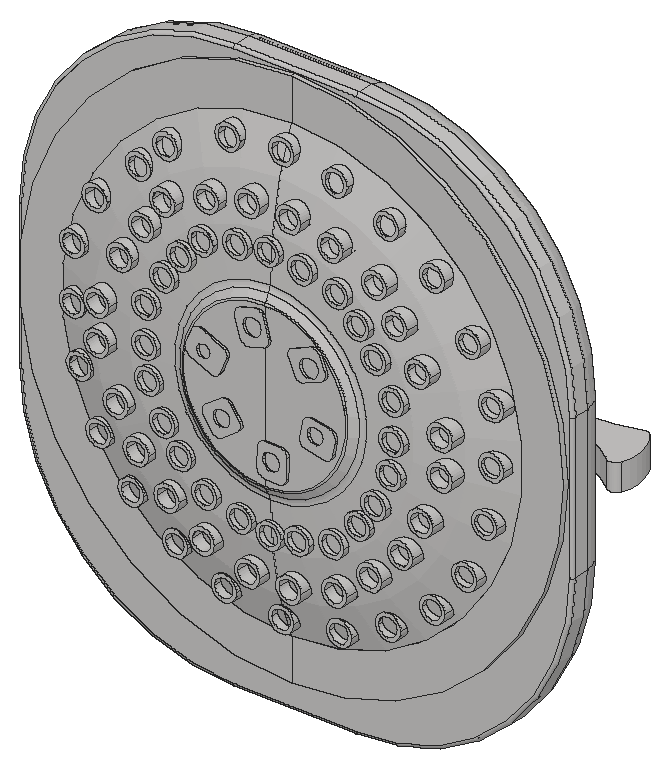
Revit family "FG52686-SUP412080_BIM", category Plumbing Fixtures, host Face, Revit 2014
Parameters (values of type "Standard")
  Width = 7 183/256"  # constant formula
  URL = "www.deltafaucet.com"
  Model = "FG52686-SUP412080"  # constant formula
  Manufacturer = "DELTA"  # constant formula
  Height = 8"  # constant formula
  Faucet Material = Metal - Delta - Stainless-Steel
  Depth = 2 211/256"  # constant formula
  Default Elevation = 48"
Reference planes (in)
  plane 1 "Center (Front/Back)": y = 0
  plane 2: z = 0
  plane 3 "Center (Left/Right)": x = 0
  plane 4: y = 1.41211
  plane 5: y = -1.41211
  plane 6: x = -3.85742
  plane 7: x = 3.85742
  plane 8: z = 8
  plane 9: z = 8.00039
  plane 10: z = 4.16474
Forms (in)
  Extrusion 1, solid, material "Metal - Delta - Stainless-Steel" <- "Faucet Material"
    sketch origin (0, -0.625, 0) x (1, 0, 0) y (0, 0, 1)
      loop
        circle (-2.81854, 3.41805) r 0.17578
      loop
        circle (-2.81854, 3.41805) r 0.12964
      loop
        circle (-2.54349, 2.6749) r 0.17578
      loop
        circle (-2.54349, 2.6749) r 0.12964
      loop
        circle (-2.09492, 2.10575) r 0.17578
      loop
        circle (-2.09492, 2.10575) r 0.12964
      loop
        circle (-1.48055, 1.67557) r 0.17578
      loop
        circle (-1.48055, 1.67557) r 0.12964
      loop
        circle (-0.80082, 1.3586) r 0.17578
      loop
        circle (-0.80082, 1.3586) r 0.12964
      loop
        circle (0, 1.24961) r 0.17578
      loop
        circle (0, 1.24961) r 0.12964
      loop
        circle (-2.91513, 4.16474) r 0.17578
      loop
        circle (-2.91513, 4.16474) r 0.12964
      loop
        circle (-2.91513, 4.91474) r 0.17578
      loop
        circle (-2.91513, 4.91474) r 0.12964
      loop
        circle (-2.59816, 5.59447) r 0.17578
      loop
        circle (-2.59816, 5.59447) r 0.12964
      loop
        circle (-1.99699, 6.19564) r 0.17578
      loop
        circle (-1.99699, 6.19564) r 0.12964
      loop
        circle (-1.61439, 6.57824) r 0.17578
      loop
        circle (-1.61439, 6.57824) r 0.12964
      loop
        circle (-0.74837, 7.00012) r 0.17578
      loop
        circle (-0.74837, 7.00012) r 0.12964
      loop
        circle (0, 7.07824) r 0.17578
      loop
        circle (0, 7.07824) r 0.12964
      loop
        circle (0.73861, 6.94801) r 0.17578
      loop
        circle (0.73861, 6.94801) r 0.12964
      loop
        circle (1.45641, 6.66099) r 0.17578
      loop
        circle (1.45641, 6.66099) r 0.12964
      loop
        circle (2.09513, 6.23771) r 0.17578
      loop
        circle (2.09513, 6.23771) r 0.12964
      loop
        circle (2.81854, 3.41805) r 0.17578
      loop
        circle (2.81854, 3.41805) r 0.12964
      loop
        circle (2.54349, 2.6749) r 0.17578
      loop
        circle (2.54349, 2.6749) r 0.12964
      loop
        circle (2.09492, 2.10575) r 0.17578
      loop
        circle (2.09492, 2.10575) r 0.12964
      loop
        circle (1.48055, 1.67557) r 0.17578
      loop
        circle (1.48055, 1.67557) r 0.12964
      loop
        circle (0.80082, 1.3586) r 0.17578
      loop
        circle (0.80082, 1.3586) r 0.12964
      loop
        circle (2.91513, 4.16474) r 0.17578
      loop
        circle (2.91513, 4.16474) r 0.12964
      loop
        circle (2.91513, 4.91474) r 0.17578
      loop
        circle (2.91513, 4.91474) r 0.12964
      loop
        circle (2.59816, 5.59447) r 0.17578
      loop
        circle (2.59816, 5.59447) r 0.12964
    from 0.39268 to 1.02833
  Revolve 2, solid, material "Metal - Delta - Stainless-Steel" <- "Faucet Material"
    sketch origin (0, 0, 0) x (0, 1, 0) y (0, 0, 1)
      loop
        line (1.41211, 4.59571) -> (0.92873, 4.59571) -> (0.92873, 4.5385)
        arc (0.92873, 4.5385) -> (0.91679, 4.50967) -> (0.88796, 4.49773) r 0.04077
        line (0.88796, 4.49773) -> (0.77035, 4.49773)
        arc (0.77035, 4.49773) -> (0.75135, 4.50156) -> (0.73532, 4.51246) r 0.04903
        arc (0.73532, 4.51246) -> (0.27585, 4.64911) -> (-0.08308, 4.33136) r 0.49376
        line (-0.08308, 4.33136) -> (-0.08308, 4.16474) -> (-0.04624, 4.16474) -> (-0.04624, 4.31836)
        arc (-0.04624, 4.31836) -> (0.28429, 4.61097) -> (0.70741, 4.48513) r 0.45469
        arc (0.70741, 4.48513) -> (0.73622, 4.46555) -> (0.77035, 4.45867) r 0.08809
        line (0.77035, 4.45867) -> (0.88796, 4.45867)
        arc (0.88796, 4.45867) -> (0.9505, 4.48888) -> (0.9657, 4.55665) r 0.07983
        line (0.9657, 4.55665) -> (1.41211, 4.55665) -> (1.41211, 4.59571)
      axis (1.41211, 4.16083) -> (-0.08308, 4.16083)
    angle from 0 to 360
  Revolve 3, solid, material "Metal - Delta - Stainless-Steel" <- "Faucet Material"
    sketch origin (0, 0, 0) x (0, 1, 0) y (0, 0, 1)
      loop
        line (0.71387, 4.71815) -> (0.71387, 4.87436)
        arc (0.71387, 4.87436) -> (0.70764, 4.89439) -> (0.69115, 4.90735) r 0.03531
        arc (0.69115, 4.90735) -> (-0.24955, 5.60141) -> (-0.6969, 6.68145) r 2.18172
        line (-0.6969, 6.68145) -> (-0.6969, 6.45401)
        arc (-0.6969, 6.45401) -> (-0.20924, 5.49107) -> (0.67481, 4.87178) r 2.22078
        line (0.67481, 4.87178) -> (0.67481, 4.71815) -> (0.71387, 4.71815)
      axis (0.71387, 4.16474) -> (-0.6969, 4.16474)
    angle from 0 to 360
  Sweep 4, solid, material "Metal - Delta - Stainless-Steel" <- "Faucet Material"
    path origin (0, 0, 0) x (1, 0, 0) y (0, 0, 1)
      loop
        arc (-0.85742, 8) -> (-2.97874, 7.12132) -> (-3.85742, 5) r 3
        line (-3.85742, 5) -> (-3.85742, 3)
        arc (-3.85742, 3) -> (-2.97874, 0.87868) -> (-0.85742, 0) r 3
        line (-0.85742, 0) -> (0.85742, 0)
        arc (0.85742, 0) -> (2.97874, 0.87868) -> (3.85742, 3) r 3
        line (3.85742, 3) -> (3.85742, 5)
        arc (3.85742, 5) -> (2.97874, 7.12132) -> (0.85742, 8) r 3
        line (0.85742, 8) -> (-0.85742, 8)
    profile origin (0, 0, 8) x (0, 0, 1) y (0, -1, 0)
      loop
        line (-2.0793, 0.68873) -> (-0.53183, 0.68873)
        arc (-0.53183, 0.68873) -> (-0.17923, 0.82056) -> (0.00039, 1.15138) r 0.53744
        line (0.00039, 1.15138) -> (0.00039, 1.36525)
        arc (0.00039, 1.36525) -> (-0.01334, 1.39839) -> (-0.04647, 1.41211) r 0.04686
        line (-0.04647, 1.41211) -> (-1.24961, 1.41211) -> (-1.24961, 1.37305) -> (-0.03868, 1.37305) -> (-0.03868, 1.15416)
        arc (-0.03868, 1.15416) -> (-0.20587, 0.84917) -> (-0.53183, 0.7278) r 0.49838
        line (-0.53183, 0.7278) -> (-2.0793, 0.7278) -> (-2.0793, 0.68873)
  Revolve 5, solid, material "Metal - Delta - Stainless-Steel" <- "Faucet Material"
    sketch origin (0, 0, 0) x (0, 1, 0) y (0, 0, 1)
      loop
        arc (-1.47417, 7.36502) -> (-1.76184, 6.45478) -> (-1.84766, 5.50403) r 4.42649
        arc (-1.84766, 5.50403) -> (-1.85379, 5.45783) -> (-1.8733, 5.4155) r 0.15598
        line (-1.8733, 5.4155) -> (-1.9347, 5.32216)
        arc (-1.9347, 5.32216) -> (-1.94133, 5.30793) -> (-1.94361, 5.29241) r 0.05413
        line (-1.94361, 5.29241) -> (-1.94361, 4.16474) -> (-1.41211, 4.16474) -> (-1.41211, 7.95181) -> (-1.47417, 7.95181) -> (-1.47417, 7.36502)
      axis (-1.41211, 4.16474) -> (-1.94361, 4.16474)
    angle from 0 to 360
  Extrusion 6, solid, material "Metal - Delta - Stainless-Steel" <- "Faucet Material"
    sketch origin (0, 0, 0) x (1, 0, 0) y (0, 1, 0)
      loop
        arc (3.2499, -0.37367) -> (3.15633, -0.39563) -> (3.07795, -0.45126) r 0.25
        arc (3.07795, -0.45126) -> (3.03415, -0.49954) -> (2.99265, -0.54981) r 1.40056
        arc (2.99265, -0.54981) -> (2.98818, -0.58706) -> (3.01925, -0.60809) r 0.03603
        arc (3.01925, -0.60809) -> (3.54099, -0.72097) -> (3.99759, -0.9975) r 1.61784
        arc (3.99759, -0.9975) -> (4.09658, -1.01978) -> (4.17038, -0.95015) r 0.10802
        arc (4.17038, -0.95015) -> (4.1918, -0.60681) -> (4.0378, -0.29919) r 0.66104
        arc (4.0378, -0.29919) -> (3.96981, -0.25719) -> (3.88992, -0.25932) r 0.13973
        arc (3.88992, -0.25932) -> (3.57391, -0.3389) -> (3.2499, -0.37367) r 2.33276
    from 4.00129 to 4.36645
  Extrusion 7, solid, material "Metal - Delta - Stainless-Steel" <- "Faucet Material"
    sketch origin (0, -0.625, 0) x (1, 0, 0) y (0, 0, 1)
      loop
        circle (0.00934, 2.39762) r 0.17578
      loop
        circle (0.00934, 2.39762) r 0.12964
      loop
        circle (-1.76151, 5.62688) r 0.17578
      loop
        circle (-1.76151, 5.62688) r 0.12964
      loop
        circle (-1.47472, 6.03645) r 0.17578
      loop
        circle (-1.47472, 6.03645) r 0.12964
      loop
        circle (-0.86208, 6.28549) r 0.17578
      loop
        circle (-0.86208, 6.28549) r 0.12964
      loop
        circle (-0.28518, 6.43618) r 0.17578
      loop
        circle (-0.28518, 6.43618) r 0.12964
      loop
        circle (-2.07214, 5.13788) r 0.17578
      loop
        circle (-2.07214, 5.13788) r 0.12964
      loop
        circle (-2.3891, 4.45815) r 0.17578
      loop
        circle (-2.3891, 4.45815) r 0.12964
      loop
        circle (-2.3891, 3.95815) r 0.17578
      loop
        circle (-2.3891, 3.95815) r 0.12964
      loop
        circle (-2.11861, 3.29741) r 0.17578
      loop
        circle (-2.11861, 3.29741) r 0.12964
      loop
        circle (-1.83721, 2.79893) r 0.17578
      loop
        circle (-1.83721, 2.79893) r 0.12964
      loop
        circle (-1.40882, 2.37055) r 0.17578
      loop
        circle (-1.40882, 2.37055) r 0.12964
      loop
        circle (-0.91961, 2.00634) r 0.17578
      loop
        circle (-0.91961, 2.00634) r 0.12964
      loop
        circle (-0.28689, 1.82387) r 0.17578
      loop
        circle (-0.28689, 1.82387) r 0.12964
      loop
        circle (-0.40019, 2.4664) r 0.17578
      loop
        circle (-0.40019, 2.4664) r 0.12964
      loop
        circle (-0.88315, 2.59581) r 0.17578
      loop
        circle (-0.88315, 2.59581) r 0.12964
      loop
        circle (-1.2367, 2.94937) r 0.17578
      loop
        circle (-1.2367, 2.94937) r 0.12964
      loop
        circle (-1.46887, 3.28094) r 0.17578
      loop
        circle (-1.46887, 3.28094) r 0.12964
      loop
        circle (-1.68018, 3.73409) r 0.17578
      loop
        circle (-1.68018, 3.73409) r 0.12964
      loop
        circle (-1.71785, 4.16474) r 0.17578
      loop
        circle (-1.71785, 4.16474) r 0.12964
      loop
        circle (-1.71785, 4.66474) r 0.17578
      loop
        circle (-1.71785, 4.66474) r 0.12964
      loop
        circle (-1.46785, 5.09775) r 0.17578
      loop
        circle (-1.46785, 5.09775) r 0.12964
      loop
        circle (-1.23044, 5.43682) r 0.17578
      loop
        circle (-1.23044, 5.43682) r 0.12964
      loop
        circle (-0.93587, 5.73139) r 0.17578
      loop
        circle (-0.93587, 5.73139) r 0.12964
      loop
        circle (-0.4529, 5.8608) r 0.17578
      loop
        circle (-0.4529, 5.8608) r 0.12964
      loop
        circle (1.76151, 5.62688) r 0.17578
      loop
        circle (1.76151, 5.62688) r 0.12964
      loop
        circle (1.47472, 6.03645) r 0.17578
      loop
        circle (1.47472, 6.03645) r 0.12964
      loop
        circle (0.86208, 6.28549) r 0.17578
      loop
        circle (0.86208, 6.28549) r 0.12964
      loop
        circle (0.28518, 6.43618) r 0.17578
      loop
        circle (0.28518, 6.43618) r 0.12964
      loop
        circle (2.07214, 5.13788) r 0.17578
      loop
        circle (2.07214, 5.13788) r 0.12964
      loop
        circle (2.3891, 4.45815) r 0.17578
      loop
        circle (2.3891, 4.45815) r 0.12964
      loop
        circle (2.3891, 3.95815) r 0.17578
      loop
        circle (2.3891, 3.95815) r 0.12964
      loop
        circle (2.11861, 3.29741) r 0.17578
      loop
        circle (2.11861, 3.29741) r 0.12964
      loop
        circle (1.83721, 2.79893) r 0.17578
      loop
        circle (1.83721, 2.79893) r 0.12964
      loop
        circle (1.40882, 2.37055) r 0.17578
      loop
        circle (1.40882, 2.37055) r 0.12964
      loop
        circle (0.91961, 2.00634) r 0.17578
      loop
        circle (0.91961, 2.00634) r 0.12964
      loop
        circle (0.28689, 1.82387) r 0.17578
      loop
        circle (0.28689, 1.82387) r 0.12964
      loop
        circle (0.40019, 2.4664) r 0.17578
      loop
        circle (0.40019, 2.4664) r 0.12964
      loop
        circle (0.88315, 2.59581) r 0.17578
      loop
        circle (0.88315, 2.59581) r 0.12964
      loop
        circle (1.2367, 2.94937) r 0.17578
      loop
        circle (1.2367, 2.94937) r 0.12964
      loop
        circle (1.46887, 3.28094) r 0.17578
      loop
        circle (1.46887, 3.28094) r 0.12964
      loop
        circle (1.68018, 3.73409) r 0.17578
      loop
        circle (1.68018, 3.73409) r 0.12964
      loop
        circle (1.71785, 4.16474) r 0.17578
      loop
        circle (1.71785, 4.16474) r 0.12964
      loop
        circle (1.71785, 4.66474) r 0.17578
      loop
        circle (1.71785, 4.66474) r 0.12964
      loop
        circle (1.46785, 5.09775) r 0.17578
      loop
        circle (1.46785, 5.09775) r 0.12964
      loop
        circle (1.23044, 5.43682) r 0.17578
      loop
        circle (1.23044, 5.43682) r 0.12964
      loop
        circle (0.93587, 5.73139) r 0.17578
      loop
        circle (0.93587, 5.73139) r 0.12964
      loop
        circle (0.4529, 5.8608) r 0.17578
      loop
        circle (0.4529, 5.8608) r 0.12964
      loop
        circle (-0.01878, 5.92181) r 0.17578
      loop
        circle (-0.01878, 5.92181) r 0.12964
    from 0.39268 to 1.26369
  Extrusion 8, solid, material "Metal - Delta - Stainless-Steel" <- "Faucet Material"
    sketch origin (0, 0, 0) x (1, 0, 0) y (0, 0, 1)
      loop
        arc (-0.31074, 5.17446) -> (-0.37969, 5.12155) -> (-0.39104, 5.03538) r 0.11355
        line (-0.39104, 5.03538) -> (-0.32832, 4.80131)
        arc (-0.32832, 4.80131) -> (-0.27734, 4.73488) -> (-0.19432, 4.72395) r 0.1094
        line (-0.19432, 4.72395) -> (0.00377, 4.77703)
        arc (0.00377, 4.77703) -> (0.06264, 4.8222) -> (0.07233, 4.89577) r 0.09695
        line (0.07233, 4.89577) -> (0.00461, 5.14849)
        arc (0.00461, 5.14849) -> (-0.0451, 5.21328) -> (-0.12607, 5.22394) r 0.1067
        line (-0.12607, 5.22394) -> (-0.31074, 5.17446)
      loop
        arc (-1.07812, 4.46282) -> (-1.07803, 4.37591) -> (-1.01652, 4.31452) r 0.11355
        line (-1.01652, 4.31452) -> (-0.73277, 4.1973)
        arc (-0.73277, 4.1973) -> (-0.64903, 4.19738) -> (-0.58988, 4.25665) r 0.1094
        line (-0.58988, 4.25665) -> (-0.50702, 4.45723)
        arc (-0.50702, 4.45723) -> (-0.50709, 4.53143) -> (-0.55961, 4.58385) r 0.09695
        line (-0.55961, 4.58385) -> (-0.86121, 4.70844)
        arc (-0.86121, 4.70844) -> (-0.94288, 4.70836) -> (-1.00057, 4.65056) r 0.1067
        line (-1.00057, 4.65056) -> (-1.07812, 4.46282)
      loop
        line (0.85937, 4.77532) -> (0.78637, 4.95203)
        arc (0.78637, 4.95203) -> (0.72868, 5.00983) -> (0.64702, 5.00991) r 0.1067
        line (0.64702, 5.00991) -> (0.4052, 4.91002)
        arc (0.4052, 4.91002) -> (0.35268, 4.8576) -> (0.3526, 4.78339) r 0.09695
        line (0.3526, 4.78339) -> (0.43091, 4.59384)
        arc (0.43091, 4.59384) -> (0.49006, 4.53458) -> (0.57379, 4.53449) r 0.1094
        line (0.57379, 4.53449) -> (0.79777, 4.62702)
        arc (0.79777, 4.62702) -> (0.85928, 4.68841) -> (0.85937, 4.77532) r 0.11355
      loop
        line (0.02204, 3.15276) -> (0.21311, 3.1459)
        arc (0.21311, 3.1459) -> (0.28963, 3.17443) -> (0.32357, 3.2487) r 0.1067
        line (0.32357, 3.2487) -> (0.33296, 3.51018)
        arc (0.33296, 3.51018) -> (0.30704, 3.57971) -> (0.23955, 3.61055) r 0.09695
        line (0.23955, 3.61055) -> (0.0346, 3.61791)
        arc (0.0346, 3.61791) -> (-0.04386, 3.58866) -> (-0.07866, 3.5125) r 0.1094
        line (-0.07866, 3.5125) -> (-0.08736, 3.27032)
        arc (-0.08736, 3.27032) -> (-0.05701, 3.18888) -> (0.02204, 3.15276) r 0.11355
      loop
        line (-0.82731, 3.63381) -> (-0.71659, 3.47794)
        arc (-0.71659, 3.47794) -> (-0.64742, 3.43453) -> (-0.56781, 3.45274) r 0.1067
        line (-0.56781, 3.45274) -> (-0.35451, 3.60426)
        arc (-0.35451, 3.60426) -> (-0.31506, 3.66712) -> (-0.33161, 3.73945) r 0.09695
        line (-0.33161, 3.73945) -> (-0.45038, 3.90665)
        arc (-0.45038, 3.90665) -> (-0.52131, 3.95116) -> (-0.60293, 3.93248) r 0.1094
        line (-0.60293, 3.93248) -> (-0.80049, 3.79214)
        arc (-0.80049, 3.79214) -> (-0.84669, 3.71853) -> (-0.82731, 3.63381) r 0.11355
      loop
        arc (1.00197, 3.95446) -> (0.98242, 4.03915) -> (0.90872, 4.08521) r 0.11355
        line (0.90872, 4.08521) -> (0.66971, 4.12521)
        arc (0.66971, 4.12521) -> (0.58812, 4.10637) -> (0.54375, 4.03536) r 0.1094
        line (0.54375, 4.03536) -> (0.50989, 3.83309)
        arc (0.50989, 3.83309) -> (0.52658, 3.76079) -> (0.58951, 3.72147) r 0.09695
        line (0.58951, 3.72147) -> (0.84756, 3.67828)
        arc (0.84756, 3.67828) -> (0.92713, 3.69664) -> (0.97041, 3.7659) r 0.1067
        line (0.97041, 3.7659) -> (1.00197, 3.95446)
      loop
        circle (-0.15259, 4.97937) r 0.1264
      loop
        circle (-0.829, 4.43964) r 0.09231
      loop
        circle (-0.57776, 3.69235) r 0.11491
      loop
        circle (0.11171, 3.38784) r 0.11937
      loop
        circle (0.72568, 3.92712) r 0.10871
      loop
        circle (0.64136, 4.74262) r 0.13094
    from 1.01768 to 1.97036
Dimensions and locks (in)
  equal spacing: plane 6, plane 3 "Center (Left/Right)", plane 7
  equal spacing: plane 4, plane 1 "Center (Front/Back)", plane 5
  "Depth": plane 4 to plane 5
  "Width": plane 6 to plane 7
  "Height": plane 8 to plane 2
  aligned and locked: plane 2 to host face
  aligned and locked: level to host face
Automatic sketch dimensions
  host sketch curve to host sketch curve = 96"  (x2)
  Revolve 2 sketch curve to Revolve 2 sketch curve = 0"  (x8)
  Revolve 2 sketch curve to plane 10 = 0"
  Revolve 2 sketch curve to plane 4 = 0"  (x2)
  plane 1 "Center (Front/Back)" to Revolve 2 sketch curve = 0.04624"
  plane 10 to Revolve 2 sketch curve = 0.15362"
  Revolve 2 sketch curve to Revolve 2 sketch curve = 0.03684"
  plane 10 to Revolve 2 sketch curve = 0.33299"
  Revolve 2 sketch curve to plane 4 = 0.64175"
  Revolve 2 sketch curve to Revolve 2 sketch curve = 0.11761"
  Revolve 2 sketch curve to Revolve 2 sketch curve = 0.04077"
  Revolve 2 sketch curve to Revolve 2 sketch curve = 0.03697"
  plane 10 to Revolve 2 sketch curve = 0.00228"
  Revolve 2 sketch curve to plane 1 "Center (Front/Back)" = 0.38252"
  Revolve 2 sketch curve to Revolve 2 sketch curve = 0.06294"
  Revolve 2 sketch curve to plane 10 = 1/256"
  Revolve 2 sketch curve to Revolve 2 sketch curve = 0.31876"
  Revolve 2 sketch curve to Revolve 2 sketch curve = 5/128"
  Revolve 3 sketch curve to Revolve 3 sketch curve = 0"  (x3)
  plane 1 "Center (Front/Back)" to Revolve 3 sketch curve = 0.6969"
  plane 10 to Revolve 3 sketch curve = 0.55341"
  Revolve 3 sketch curve to plane 10 = 0"
  Revolve 3 sketch curve to plane 1 "Center (Front/Back)" = 0.67481"
  Revolve 3 sketch curve to Revolve 3 sketch curve = 5/128"
  Revolve 3 sketch curve to plane 1 "Center (Front/Back)" = 0.32247"
  Revolve 3 sketch curve to Revolve 3 sketch curve = 0.35235"
  Revolve 3 sketch curve to Revolve 3 sketch curve = 0.00375"
  Revolve 3 sketch curve to Revolve 3 sketch curve = 0.01259"
  plane 4 to Revolve 3 sketch curve = 0.05663"
  Revolve 3 sketch curve to Revolve 3 sketch curve = 0.15363"
  Revolve 3 sketch curve to Revolve 3 sketch curve = 0.00258"
  Sweep 4 sketch curve to plane 6 = 0"
  Sweep 4 sketch curve to level = 0"
  Sweep 4 sketch curve to plane 8 = 0"
  Sweep 4 sketch curve to plane 7 = 0"
  Sweep 4 sketch curve to plane 10 = 1.16474"
  Sweep 4 sketch curve to plane 3 "Center (Left/Right)" = 0.85742"
  plane 3 "Center (Left/Right)" to Sweep 4 sketch curve = 0.85742"  (x2)
  Sweep 4 sketch curve to Sweep 4 sketch curve = 0"  (x2)
  plane 1 "Center (Front/Back)" to Sweep 4 sketch curve = 0.68873"
  profile plane to Sweep 4 sketch curve = 2.0793"
  plane 1 "Center (Front/Back)" to Sweep 4 sketch curve = 0.7278"
  Sweep 4 sketch curve to Sweep 4 sketch curve = 0.82969"
  profile plane to Sweep 4 sketch curve = 0.53183"
  profile plane to Sweep 4 sketch curve = 0.04647"
  Sweep 4 sketch curve to Sweep 4 sketch curve = 1/128"
  Sweep 4 sketch curve to profile plane = 0.00039"
  Sweep 4 sketch curve to Sweep 4 sketch curve = 0.42358"
  Sweep 4 sketch curve to Sweep 4 sketch curve = 0.21387"
  Sweep 4 sketch curve to Sweep 4 sketch curve = 5/128"
  Revolve 5 sketch curve to plane 10 = 0"  (x2)
  Revolve 5 sketch curve to plane 5 = 0"
  Revolve 5 sketch curve to plane 5 = 0.5315"
  plane 10 to Revolve 5 sketch curve = 1.12767"
  Revolve 5 sketch curve to Revolve 5 sketch curve = 0.00891"
  Revolve 5 sketch curve to Revolve 5 sketch curve = 0.0614"
  Revolve 5 sketch curve to plane 5 = 0.06206"
  Revolve 5 sketch curve to Revolve 5 sketch curve = 0.13031"
  Revolve 5 sketch curve to Revolve 5 sketch curve = 0.05413"
  Revolve 5 sketch curve to Revolve 5 sketch curve = 0.08456"
  Revolve 5 sketch curve to Revolve 5 sketch curve = 0.02564"
  Revolve 5 sketch curve to Revolve 5 sketch curve = 0"
  Revolve 5 sketch curve to Revolve 5 sketch curve = 0.18119"
  plane 4 to Revolve 5 sketch curve = 1.166"
  Revolve 5 sketch curve to Revolve 5 sketch curve = 0.09335"
  Revolve 5 sketch curve to plane 8 = 0.63498"
  Revolve 5 sketch curve to plane 8 = 0.04819"
  Extrusion 1 sketch curve to Extrusion 1 sketch curve = 0"  (x67)
  Extrusion 1 sketch curve to plane 10 = 0"  (x2)
  Extrusion 1 sketch curve to plane 3 "Center (Left/Right)" = 0"  (x2)
  Extrusion 1 sketch curve to Extrusion 1 sketch curve = 0.3826"  (x2)
  Extrusion 1 sketch curve to Extrusion 1 sketch curve = 0.56915"  (x2)
  Extrusion 6 sketch curve to plane 7 = 0.91474"
  Extrusion 6 sketch curve to plane 7 = 0.83646"
  Extrusion 6 sketch curve to plane 7 = 0.69382"
  Extrusion 6 sketch curve to Extrusion 6 sketch curve = 0.23819"
  Extrusion 6 sketch curve to Extrusion 6 sketch curve = 0.28491"
  plane 7 to Extrusion 6 sketch curve = 0.07601"
  plane 7 to Extrusion 6 sketch curve = 0.21061"
  Extrusion 6 sketch curve to plane 5 = 0.00408"
  plane 7 to Extrusion 6 sketch curve = 0.23566"
  Extrusion 6 sketch curve to plane 5 = 0.812"
  plane 5 to Extrusion 6 sketch curve = 0.49651"
  Extrusion 6 sketch curve to Extrusion 6 sketch curve = 0.17687"
  Extrusion 6 sketch curve to Extrusion 6 sketch curve = 0.11523"
  Extrusion 6 sketch curve to Extrusion 6 sketch curve = 0.05141"
  plane 1 "Center (Front/Back)" to Extrusion 6 sketch curve = 0.3921"
  plane 4 to Extrusion 6 sketch curve = 0.54538"
  Extrusion 6 sketch curve to Extrusion 6 sketch curve = 0.02831"
  Extrusion 6 sketch curve to Extrusion 6 sketch curve = 0"  (x7)
  Extrusion 7 sketch curve to Extrusion 7 sketch curve = 0"  (x100)
  Extrusion 7 sketch curve to plane 10 = 0"  (x2)
  Extrusion 7 sketch curve to plane 3 "Center (Left/Right)" = 0.01878"
  Extrusion 7 sketch curve to plane 3 "Center (Left/Right)" = 0.28518"
  Extrusion 7 sketch curve to plane 3 "Center (Left/Right)" = 0.28689"
  Extrusion 7 sketch curve to plane 3 "Center (Left/Right)" = 0.40019"
  Extrusion 7 sketch curve to Extrusion 7 sketch curve = 0.43412"
  Extrusion 7 sketch curve to Extrusion 7 sketch curve = 0.40917"  (x2)
  Extrusion 7 sketch curve to Extrusion 7 sketch curve = 0.48296"  (x4)
  Extrusion 7 sketch curve to Extrusion 7 sketch curve = 0.03647"  (x2)
  Extrusion 7 sketch curve to Extrusion 7 sketch curve = 0.29458"  (x4)
  Extrusion 7 sketch curve to Extrusion 7 sketch curve = 0.35355"  (x4)
  Extrusion 7 sketch curve to Extrusion 7 sketch curve = 0.52567"  (x2)
  Extrusion 7 sketch curve to Extrusion 7 sketch curve = 0.23741"  (x2)
  Extrusion 7 sketch curve to Extrusion 7 sketch curve = 0.23217"  (x2)
  Extrusion 7 sketch curve to Extrusion 7 sketch curve = 0.53886"  (x2)
  Extrusion 7 sketch curve to Extrusion 7 sketch curve = 0.21131"  (x2)
  Extrusion 7 sketch curve to Extrusion 7 sketch curve = 1/4"  (x2)
  Extrusion 7 sketch curve to Extrusion 7 sketch curve = 0.03768"  (x2)
  Extrusion 7 sketch curve to Extrusion 7 sketch curve = 0.28679"  (x2)
  Extrusion 7 sketch curve to Extrusion 7 sketch curve = 0.42839"  (x2)
  Extrusion 7 sketch curve to Extrusion 7 sketch curve = 0.31063"  (x2)
  Extrusion 7 sketch curve to Extrusion 7 sketch curve = 0.2814"  (x2)
  Extrusion 7 sketch curve to plane 10 = 0.20659"  (x2)
  Extrusion 7 sketch curve to Extrusion 7 sketch curve = 0.67125"  (x2)
  plane 3 "Center (Left/Right)" to Extrusion 7 sketch curve = 0.00934"
  plane 3 "Center (Left/Right)" to Extrusion 7 sketch curve = 0.28518"
  plane 3 "Center (Left/Right)" to Extrusion 7 sketch curve = 0.28689"
  Extrusion 7 sketch curve to Extrusion 7 sketch curve = 0.39085"
  plane 3 "Center (Left/Right)" to Extrusion 7 sketch curve = 0.4529"
  Extrusion 7 sketch curve to plane 10 = 0.43065"  (x2)
  Extrusion 7 sketch curve to Extrusion 7 sketch curve = 0.43668"  (x2)
  Extrusion 7 sketch curve to Extrusion 7 sketch curve = 0.45315"  (x2)
  Extrusion 7 sketch curve to Extrusion 7 sketch curve = 0.33157"  (x2)
  Extrusion 7 sketch curve to Extrusion 7 sketch curve = 0.49848"  (x2)
  Extrusion 7 sketch curve to Extrusion 7 sketch curve = 0.12941"  (x4)
  Extrusion 7 sketch curve to Extrusion 7 sketch curve = 0.06878"
  Extrusion 7 sketch curve to Extrusion 7 sketch curve = 0.22527"  (x2)
  Extrusion 7 sketch curve to Extrusion 7 sketch curve = 0.58947"  (x2)
  Extrusion 7 sketch curve to Extrusion 7 sketch curve = 0.57375"
  plane 10 to Extrusion 7 sketch curve = 0.29341"  (x2)
  Extrusion 7 sketch curve to Extrusion 7 sketch curve = 1/2"  (x2)
  Extrusion 7 sketch curve to Extrusion 7 sketch curve = 0.43301"  (x2)
  Extrusion 7 sketch curve to Extrusion 7 sketch curve = 0.47314"  (x2)
  Extrusion 7 sketch curve to Extrusion 7 sketch curve = 0.33906"  (x2)
  Extrusion 7 sketch curve to Extrusion 7 sketch curve = 0.19006"  (x2)
  Extrusion 7 sketch curve to Extrusion 7 sketch curve = 0.06101"
  Extrusion 7 sketch curve to Extrusion 7 sketch curve = 0.40958"  (x2)
  Extrusion 7 sketch curve to Extrusion 7 sketch curve = 0.5541"  (x2)
  Extrusion 7 sketch curve to Extrusion 7 sketch curve = 0.51437"
  Extrusion 1 sketch curve to Extrusion 1 sketch curve = 0.60117"  (x2)
  Extrusion 1 sketch curve to Extrusion 1 sketch curve = 0.50303"
  Extrusion 1 sketch curve to Extrusion 1 sketch curve = 0.31696"  (x4)
  Extrusion 1 sketch curve to Extrusion 1 sketch curve = 3/4"  (x2)
  Extrusion 1 sketch curve to Extrusion 1 sketch curve = 0.67973"  (x4)
  Extrusion 1 sketch curve to plane 3 "Center (Left/Right)" = 0.74837"
  Extrusion 1 sketch curve to Extrusion 1 sketch curve = 0.71781"
  Extrusion 1 sketch curve to Extrusion 1 sketch curve = 0.63872"
  Extrusion 1 sketch curve to Extrusion 1 sketch curve = 0.64324"
  Extrusion 1 sketch curve to Extrusion 1 sketch curve = 0.42328"
  plane 3 "Center (Left/Right)" to Extrusion 1 sketch curve = 0.73861"
  Extrusion 1 sketch curve to Extrusion 1 sketch curve = 0.28701"
  Extrusion 1 sketch curve to Extrusion 1 sketch curve = 27/64"
  Extrusion 1 sketch curve to Extrusion 1 sketch curve = 0.13024"
  Extrusion 1 sketch curve to Extrusion 1 sketch curve = 0.86603"
  Extrusion 1 sketch curve to Extrusion 1 sketch curve = 0.44858"  (x2)
  Extrusion 1 sketch curve to Extrusion 1 sketch curve = 0.09659"  (x2)
  Extrusion 1 sketch curve to plane 10 = 1.48984"
  Extrusion 1 sketch curve to plane 10 = 0.74669"  (x2)
  Extrusion 1 sketch curve to Extrusion 1 sketch curve = 0.61436"  (x2)
  Extrusion 1 sketch curve to Extrusion 1 sketch curve = 0.43018"  (x2)
  plane 3 "Center (Left/Right)" to Extrusion 1 sketch curve = 0.80082"
  Extrusion 1 sketch curve to Extrusion 1 sketch curve = 0.10899"  (x2)
  Extrusion 1 sketch curve to Extrusion 1 sketch curve = 0.27505"
  plane 10 to Extrusion 8 sketch curve = 0.29808"
  Extrusion 8 sketch curve to plane 3 "Center (Left/Right)" = 1 5/64"
  plane 10 to Extrusion 8 sketch curve = 0.14977"
  Extrusion 8 sketch curve to Extrusion 8 sketch curve = 0.0616"
  plane 10 to Extrusion 8 sketch curve = 0.48582"
  Extrusion 8 sketch curve to Extrusion 8 sketch curve = 0.07755"
  Extrusion 8 sketch curve to Extrusion 8 sketch curve = 0.10495"  (x2)
  Extrusion 8 sketch curve to Extrusion 8 sketch curve = 0.09862"  (x2)
  plane 10 to Extrusion 8 sketch curve = 0.54369"
  Extrusion 8 sketch curve to Extrusion 8 sketch curve = 0.04074"  (x3)
  Extrusion 8 sketch curve to Extrusion 8 sketch curve = 0.14416"
  Extrusion 8 sketch curve to Extrusion 8 sketch curve = 0.18921"
  Extrusion 8 sketch curve to plane 10 = 0.3726"
  Extrusion 8 sketch curve to Extrusion 8 sketch curve = 0.02681"
  Extrusion 8 sketch curve to Extrusion 8 sketch curve = 0.09258"  (x2)
  plane 10 to Extrusion 8 sketch curve = 0.03256"
  Extrusion 8 sketch curve to Extrusion 8 sketch curve = 0.09623"
  Extrusion 8 sketch curve to Extrusion 8 sketch curve = 0.11072"
  Extrusion 8 sketch curve to Extrusion 8 sketch curve = 0.04177"  (x2)
  Extrusion 8 sketch curve to Extrusion 8 sketch curve = 0.08699"
  Extrusion 8 sketch curve to plane 10 = 0.23226"
  Extrusion 8 sketch curve to Extrusion 8 sketch curve = 0.19756"
  Extrusion 8 sketch curve to Extrusion 8 sketch curve = 0.09437"
  plane 10 to Extrusion 8 sketch curve = 0.09191"
  Extrusion 8 sketch curve to Extrusion 8 sketch curve = 0.10112"  (x2)
  Extrusion 8 sketch curve to Extrusion 8 sketch curve = 0.15697"
  Extrusion 8 sketch curve to Extrusion 8 sketch curve = 0.06179"  (x2)
  Extrusion 8 sketch curve to Extrusion 8 sketch curve = 0.03702"  (x4)
  Extrusion 8 sketch curve to Extrusion 8 sketch curve = 0.06336"
  plane 10 to Extrusion 8 sketch curve = 0.29249"
  Extrusion 8 sketch curve to Extrusion 8 sketch curve = 0.08961"
  Extrusion 8 sketch curve to plane 10 = 0.2581"
  Extrusion 8 sketch curve to Extrusion 8 sketch curve = 0.08919"
  Extrusion 8 sketch curve to Extrusion 8 sketch curve = 0.16711"
  Extrusion 8 sketch curve to plane 3 "Center (Left/Right)" = 0.39104"
  Extrusion 8 sketch curve to Extrusion 8 sketch curve = 0.05615"  (x2)
  Extrusion 8 sketch curve to Extrusion 8 sketch curve = 0.07904"
  Extrusion 8 sketch curve to Extrusion 8 sketch curve = 0.06272"
  Extrusion 8 sketch curve to Extrusion 8 sketch curve = 0.0803"
  Extrusion 8 sketch curve to Extrusion 8 sketch curve = 0.02939"  (x2)
  Extrusion 8 sketch curve to Extrusion 8 sketch curve = 0.10568"
  Extrusion 8 sketch curve to Extrusion 8 sketch curve = 0.02832"
  Extrusion 8 sketch curve to plane 3 "Center (Left/Right)" = 0.15259"
  Extrusion 8 sketch curve to plane 3 "Center (Left/Right)" = 0.12607"
  Extrusion 8 sketch curve to plane 3 "Center (Left/Right)" = 0.09845"
  Extrusion 8 sketch curve to plane 3 "Center (Left/Right)" = 0.08736"
  Extrusion 8 sketch curve to plane 3 "Center (Left/Right)" = 0.07866"
  Extrusion 8 sketch curve to plane 3 "Center (Left/Right)" = 0.02132"
  plane 3 "Center (Left/Right)" to Extrusion 8 sketch curve = 0.00377"
  plane 3 "Center (Left/Right)" to Extrusion 8 sketch curve = 0.00461"
  plane 3 "Center (Left/Right)" to Extrusion 8 sketch curve = 0.02204"
  plane 3 "Center (Left/Right)" to Extrusion 8 sketch curve = 0.02612"
  plane 3 "Center (Left/Right)" to Extrusion 8 sketch curve = 0.03067"
  plane 3 "Center (Left/Right)" to Extrusion 8 sketch curve = 0.0346"
  plane 3 "Center (Left/Right)" to Extrusion 8 sketch curve = 0.07233"
  plane 3 "Center (Left/Right)" to Extrusion 8 sketch curve = 0.11171"
  Extrusion 8 sketch curve to Extrusion 8 sketch curve = 0.19107"
  Extrusion 8 sketch curve to Extrusion 8 sketch curve = 0.00383"  (x2)
  Extrusion 8 sketch curve to Extrusion 8 sketch curve = 0.12436"
  Extrusion 8 sketch curve to Extrusion 8 sketch curve = 0.00348"
  Extrusion 8 sketch curve to Extrusion 8 sketch curve = 0.10663"
  Extrusion 8 sketch curve to Extrusion 8 sketch curve = 0.09689"  (x2)
  Extrusion 8 sketch curve to Extrusion 8 sketch curve = 0.28028"
  Extrusion 8 sketch curve to Extrusion 8 sketch curve = 0.05259"
  Extrusion 8 sketch curve to Extrusion 8 sketch curve = 0.0783"
  Extrusion 8 sketch curve to Extrusion 8 sketch curve = 0.27034"
  Extrusion 8 sketch curve to plane 10 = 0.12938"
  Extrusion 8 sketch curve to Extrusion 8 sketch curve = 0.03385"
  Extrusion 8 sketch curve to Extrusion 8 sketch curve = 0.07962"
  Extrusion 8 sketch curve to Extrusion 8 sketch curve = 0.016"
  Extrusion 8 sketch curve to Extrusion 8 sketch curve = 0.10934"
  Extrusion 8 sketch curve to Extrusion 8 sketch curve = 0.24182"
  Extrusion 8 sketch curve to Extrusion 8 sketch curve = 0.1079"
  Extrusion 8 sketch curve to plane 10 = 0.03953"
  Extrusion 8 sketch curve to Extrusion 8 sketch curve = 0.01806"
  Extrusion 8 sketch curve to Extrusion 8 sketch curve = 0.07403"
  Extrusion 8 sketch curve to Extrusion 8 sketch curve = 0.11305"
  plane 10 to Extrusion 8 sketch curve = 0.46227"
  Extrusion 8 sketch curve to Extrusion 8 sketch curve = 0.04335"
  Extrusion 8 sketch curve to Extrusion 8 sketch curve = 0.25805"
  plane 10 to Extrusion 8 sketch curve = 0.61058"
  Extrusion 8 sketch curve to Extrusion 8 sketch curve = 0.01761"
  Extrusion 8 sketch curve to Extrusion 8 sketch curve = 0.16429"
  Extrusion 8 sketch curve to plane 10 = 0.07954"
  Extrusion 8 sketch curve to Extrusion 8 sketch curve = 0.01874"
  Extrusion 8 sketch curve to plane 10 = 0.39884"
  Extrusion 8 sketch curve to Extrusion 8 sketch curve = 0.10524"
  Extrusion 8 sketch curve to plane 10 = 0.21028"
  Extrusion 8 sketch curve to Extrusion 8 sketch curve = 0.112"
  Extrusion 8 sketch curve to Extrusion 8 sketch curve = 0.1672"
  Extrusion 8 sketch curve to Extrusion 8 sketch curve = 0.29584"
  Extrusion 8 sketch curve to Extrusion 8 sketch curve = 0.15094"
  Extrusion 8 sketch curve to Extrusion 8 sketch curve = 0.08762"
  Extrusion 8 sketch curve to Extrusion 8 sketch curve = 0.12154"
  Extrusion 8 sketch curve to Extrusion 8 sketch curve = 0.00736"
  Extrusion 8 sketch curve to Extrusion 8 sketch curve = 0.15262"
  Extrusion 8 sketch curve to Extrusion 8 sketch curve = 0.10541"
  Extrusion 8 sketch curve to Extrusion 8 sketch curve = 0.12074"
  Extrusion 8 sketch curve to Extrusion 8 sketch curve = 0.11751"
  Extrusion 8 sketch curve to Extrusion 8 sketch curve = 0.00408"
  Extrusion 8 sketch curve to Extrusion 8 sketch curve = 0.1353"
  Extrusion 8 sketch curve to Extrusion 8 sketch curve = 0.09562"
  Extrusion 8 sketch curve to Extrusion 8 sketch curve = 0.09018"
  Extrusion 8 sketch curve to Extrusion 8 sketch curve = 0.02017"
  Extrusion 8 sketch curve to Extrusion 8 sketch curve = 0.09252"
  Extrusion 8 sketch curve to Extrusion 8 sketch curve = 0.05935"
  Extrusion 8 sketch curve to Extrusion 8 sketch curve = 0.1401"
  Extrusion 8 sketch curve to Extrusion 8 sketch curve = 0.01065"
  Extrusion 8 sketch curve to Extrusion 8 sketch curve = 0.05308"
  Extrusion 8 sketch curve to Extrusion 8 sketch curve = 0.18955"
  Extrusion 8 sketch curve to Extrusion 8 sketch curve = 0.07736"
  Extrusion 8 sketch curve to Extrusion 8 sketch curve = 0.09365"
  Extrusion 8 sketch curve to Extrusion 8 sketch curve = 0.16868"
  Extrusion 8 sketch curve to Extrusion 8 sketch curve = 0.14974"
  Extrusion 8 sketch curve to Extrusion 8 sketch curve = 0.23408"
  Extrusion 8 sketch curve to Extrusion 8 sketch curve = 0.14151"
  Extrusion 8 sketch curve to Extrusion 8 sketch curve = 0.02762"
  radius of Extrusion 1 sketch curve = 45/256"  (x24)
  radius of Extrusion 1 sketch curve = 0.12964"  (x24)
  radius of Extrusion 7 sketch curve = 45/256"  (x48)
  radius of Extrusion 7 sketch curve = 0.12964"  (x48)
  radius of Extrusion 8 sketch curve = 0.1264"
  radius of Extrusion 8 sketch curve = 0.09231"
  radius of Extrusion 8 sketch curve = 0.11491"
  radius of Extrusion 8 sketch curve = 0.11937"
  radius of Extrusion 8 sketch curve = 0.10871"
  radius of Extrusion 8 sketch curve = 0.13094"
